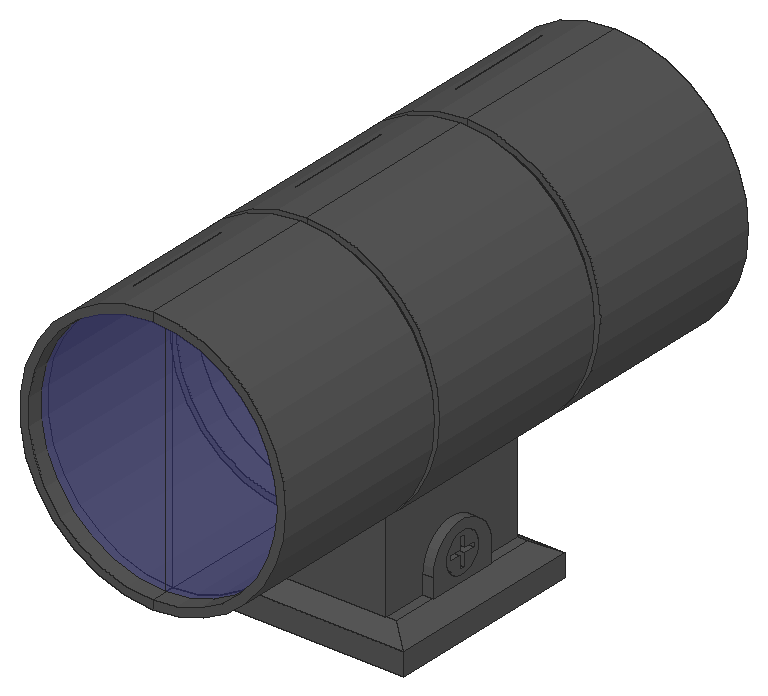
Revit family "CARLO CYLINDER LIGHT WALL MOUNT", category Lighting Fixtures, host Face, Revit 2020 (continued)
Parameters (values of type "CCL6-13-35SPSW8-PC-25-WM-BK")
    73 554.58 549.15 543.98 \r\n 539.18 534.71 530.61 526.97 523.53 519.98 516.44 512.85 509.41 506.44 \r\n 503.51 500.2 496.84 493.69 490.57 487.5 484.18 480.23 475.8 471.65 \r\n 465.49 455.27 441.09 421.84 399.05 373.78 346.32 317.19 286.75 255.22 \r\n 223.61 191.93 163.33 142.66 124.77 105.68 86.736 66.186 49.422 43.584 \r\n 41.671 38.526 35.757 33.343 31.019 28.357 25.814 23.762 22.027 20.605 \r\n 19.351 18.094 16.912 15.857 14.848 13.791 12.777 11.895 11.055 10.174 \r\n 9.324 8.5617 7.855 7.1936 6.5698 5.9594 5.4023 4.9406 4.5435 4.2 \r\n 3.8937 3.5977 3.3326 3.1159 2.9307 2.7668 2.6216 2.4902 2.3693 2.2534 \r\n 2.1449 2.0444 1.9522 1.8693 1.7933 1.7228 1.6561 1.5911 1.5268 1.4595 \r\n 1.3942 1.3362 1.2813 1.2265 1.1729 1.1208 1.0699 1.0212 0.97208 0.91888 \r\n 0.86593 0.81725 0.77013 0.72211 0.67654 0.63769 0.60029 0.55924 0.5184 0.48063 \r\n 0.44391 0.40624 0.37039 0.3391 0.31036 0.28273 0.25727 0.23707 0.21798 0.19728 \r\n 0.17376 0.14688 0.1119 0.053668 0.00282 0 0 0 0 0 \r\n 0 0 0 0 0 0.00094743 0.01164 0.04782 0.089605 0.11964 \r\n 0.1461 0.17025 0.1954 0.22712 0.25989 0.28872 0.31751 0.35008 0.38159 0.40641 \r\n 0.43094 0.46052 0.49277 0.52626 0.56344 0.60802 0.65475 0.69875 0.74257 0.78627 \r\n 0.8325 0.88637 0.94064 0.98747 1.0338 1.0848 1.1381 1.1933 1.2501 1.3072 \r\n 1.3662 1.4296 1.4932 1.5511 1.6097 1.6736 1.7423 1.8171 1.8977 1.984 \r\n 2.0773 2.1779 2.2884 2.4122 2.5468 2.6878 2.8454 3.0284 3.237 3.4762 \r\n 3.7404 4.0169 4.3321 4.7109 5.1449 5.6275 6.1781 6.8257 7.5342 8.2786 \r\n 9.0544 9.8397 10.663 11.551 12.486 13.455 14.456 15.489 16.531 17.53 \r\n 18.585 19.819 21.1 22.21 23.525 25.38 27.683 30.55 33.698 36.855 \r\n 40.103 42.597 46.84 54.9 67.233 85.648 108.15 133.47 161.2 190.82 \r\n 221.33 251.42 281.5 311.85 341.45 369.58 395.5 418.65 437.65 450.11 \r\n 458.46 463.99 467.82 471.66 474.94 477.58 479.82 481.78 483.74 486.15 \r\n 488.67 490.95 493.38 496.35 499.52 502.67 505.84 509.02 512.17 515.09 \r\n 518.29 522.31 526.83 531.68 536.97 542.62 549.07 556.67 565.61 576 \r\n 588.42 603.5 621.16 641.07 664.64 692.87 726.69 766.96 814.91 872.07 \r\n 938.42 1014.4 1100.1 1194.8 1302.1 1424.9 1564.5 1725.1 1900.7 2086.5 \r\n 2281.7 2485.5 2693.4 2899.9 3107.7 3318.9 3530.1 3739.8 3944.3 4140.4 \r\n 4324.7 4491.1 4643.7 4784.5 4912.5 5028.1 5129.7 5214.1 5286.3 5350.8 \r\n 5509.6 \r\n5444.5 5446.5 5400.7 5346.4 5281.9 5207.4 5118.9 5011 4888 4751.1 \r\n 4604 4452.7 4291.2 4112.9 3925.1 3733.4 3536.2 3332.6 3126.4 2919.9 \r\n 2716 2519.1 2326.2 2133.6 1948 1773.9 1613.7 1470.5 1346.3 1249 \r\n 1164.1 1078 994.94 911.26 837.43 786.48 747.18 712.35 682.91 657.41 \r\n 635.72 617.28 601.85 589.19 578.68 569.64 561.97 555.43 549.72 544.45 \r\n 539.67 535.32 531.38 527.86 524.56 521.26 517.95 514.47 511.04 507.97 \r\n 504.92 501.55 498.13 494.91 491.72 488.59 485.21 481.2 476.77 472.6 \r\n 466.83 458.05 445.48 427.28 405.26 380.58 353.48 324.4 293.98 262.82 \r\n 231.59 200.37 171.61 149.13 129.03 108.28 88.148 67.28 50.536 44.616 \r\n 42.646 39.444 36.631 34.191 31.852 29.212 26.644 24.398 22.448 20.918 \r\n 19.607 18.345 17.167 16.063 15.01 13.969 12.977 12.082 11.224 10.34 \r\n 9.4904 8.7283 8.0162 7.3292 6.6818 6.0756 5.5236 5.0432 4.6222 4.2591 \r\n 3.9384 3.6405 3.3755 3.1508 2.9555 2.7821 2.6287 2.4926 2.3682 2.2475 \r\n 2.1352 2.0344 1.9422 1.8567 1.7779 1.7062 1.6385 1.5722 1.5067 1.4391 \r\n 1.3737 1.315 1.2593 1.2037 1.1499 1.099 1.0492 0.99855 0.94779 0.89652 \r\n 0.84614 0.79869 0.75186 0.70239 0.65518 0.61586 0.579 0.54009 0.50195 0.46631 \r\n 0.43183 0.39725 0.36402 0.33355 0.30465 0.27588 0.24945 0.22972 0.21127 0.19003 \r\n 0.16643 0.1415 0.10947 0.055564 0.0078068 0 0 0 0 0 \r\n 0 0 0 0 0.000000 0.0098719 0.029078 0.064629 0.10375 0.13399 \r\n 0.16141 0.18697 0.21352 0.24577 0.27906 0.3094 0.33951 0.37183 0.40309 0.4297 \r\n 0.45658 0.48803 0.52242 0.55947 0.59944 0.64338 0.68862 0.73202 0.77599 0.82154 \r\n 0.86975 0.924 0.97847 1.0264 1.0739 1.1254 1.1789 1.234 1.2906 1.3478 \r\n 1.4066 1.4686 1.531 1.5893 1.6489 1.7137 1.783 1.8574 1.9375 2.0235 \r\n 2.1163 2.2161 2.3256 2.4485 2.5821 2.7216 2.8779 3.0602 3.2696 3.5123 \r\n 3.7811 4.0634 4.3827 4.7593 5.1918 5.6816 6.2399 6.8876 7.5965 8.3483 \r\n 9.1344 9.9327 10.766 11.652 12.582 13.554 14.559 15.596 16.641 17.637 \r\n 18.689 19.936 21.223 22.315 23.6 25.411 27.676 30.538 33.683 36.814 \r\n 40.013 42.146 46.562 56.786 71.147 89.127 110.79 136.52 164.88 194.86 \r\n 225.66 256.07 286.37 316.76 346.29 374.41 400.19 422.92 441.28 452.7 \r\n 460.12 465.37 469.18 473.06 476.4 478.97 481.15 483.25 485.35 487.7 \r\n 490.14 492.48 494.98 497.91 501.03 504.15 507.31 510.52 513.69 516.57 \r\n 519.68 523.57 527.91 532.46 537.47 542.98 549.34 556.82 565.6 575.75 \r\n 587.87 602.6 619.91 639.52 662.78 690.64 723.96 762.82 810.51 871.91 \r\n 942.35 1018.3 1101.3 1188.9 1289 1409.5 1548.1 1707.1 1880.8 2064.9 \r\n 2258.6 2461 2668.5 2876.5 3086.5 3299.4 3512.5 3724.6 3931.1 4127.5 \r\n 4311.8 4479.5 4633.5 4775.4 4904.5 5020.9 5123.2 5208.7 5281.9 5346.9 \r\n 5509.6 \r\n5444.5 5449.4 5408.2 5358.5 5298.5 5227.6 5143.3 5041.7 4925 4792.5 \r\n 4649.4 4502.4 4345.5 4173 3990.6 3802.4 3607.9 3406.9 3202.8 2998.6 \r\n 2796 2598.3 2403.1 2206.8 2017.1 1840.1 1676.4 1528.1 1396.9 1288.6 \r\n 1192.9 1100.3 1013.5 929.86 856.71 803.69 761.63 724.31 692.53 665.12 \r\n 641.82 622.06 605.58 592.18 581.08 571.46 563.28 556.28 550.23 544.82 \r\n 540.04 535.82 532.04 528.61 525.43 522.4 519.35 515.98 512.58 509.43 \r\n 506.26 502.85 499.42 496.19 492.99 489.84 486.45 482.43 478.05 473.92 \r\n 468.59 461.38 450.61 433.66 412.63 388.62 361.92 332.87 302.48 271.73 \r\n 240.94 210.17 181.15 156.42 133.63 110.89 89.423 68.567 52.184 46.029 \r\n 43.763 40.477 37.637 35.151 32.78 30.163 27.576 25.132 22.957 21.295 \r\n 19.904 18.631 17.458 16.301 15.199 14.173 13.205 12.294 11.417 10.531 \r\n 9.684 8.9195 8.1982 7.4831 6.8101 6.2082 5.6613 5.1606 4.7133 4.3288 \r\n 3.9921 3.6918 3.4266 3.1924 2.9856 2.8016 2.6389 2.4973 2.3687 2.2428 \r\n 2.1265 2.0252 1.9329 1.8443 1.7622 1.689 1.6203 1.5523 1.4855 1.4178 \r\n 1.3524 1.2929 1.2362 1.1799 1.1257 1.0761 1.0271 0.9744 0.92188 0.87269 \r\n 0.82512 0.77916 0.73283 0.68193 0.63305 0.59327 0.55694 0.52021 0.48486 0.45169 \r\n 0.41978 0.38838 0.35782 0.32829 0.29938 0.26963 0.24226 0.22255 0.20427 0.18224 \r\n 0.15854 0.13574 0.10711 0.058666 0.014796 0.0016281 0 0 0 0 \r\n 0 0 0 0 0 0.019569 0.048095 0.083213 0.11974 0.15041 \r\n 0.17908 0.20643 0.23467 0.26746 0.30119 0.33302 0.36434 0.39609 0.4269 0.45611 \r\n 0.48623 0.51965 0.55616 0.59715 0.64019 0.68315 0.72653 0.76948 0.81385 0.86132 \r\n 0.9115 0.96595 1.0205 1.0698 1.1188 1.1709 1.2247 1.2798 1.3362 1.3935 \r\n 1.4521 1.5126 1.5736 1.633 1.6942 1.7602 1.8303 1.9047 1.9844 2.0704 \r\n 2.1631 2.2624 2.3712 2.4935 2.6265 2.765 2.9206 3.1027 3.3132 3.5598 \r\n 3.8343 4.124 4.4497 4.8257 5.2583 5.7583 6.3268 6.9749 7.6844 8.4458 \r\n 9.2446 10.058 10.902 11.787 12.713 13.688 14.698 15.739 16.787 17.783 \r\n 18.837 20.093 21.386 22.466 23.731 25.512 27.75 30.609 33.747 36.832 \r\n 40.003 41.915 46.697 59.306 75.909 93.602 114.56 140.79 169.88 200.29 \r\n 231.44 262.23 292.79 323.18 352.59 380.61 406.09 428.18 445.67 455.99 \r\n 462.46 467.4 471.16 475.05 478.43 480.89 483.01 485.25 487.5 489.82 \r\n 492.19 494.62 497.2 500.12 503.18 506.26 509.4 512.66 515.89 518.77 \r\n 521.83 525.6 529.76 534.02 538.77 544.19 550.51 557.94 566.63 576.62 \r\n 588.54 603 620.05 639.52 662.64 690.34 723.4 761.12 808.87 874.87 \r\n 949.82 1026.3 1106.9 1187.8 1281.3 1400.1 1538.3 1695.9 1868.4 2051.4 \r\n 2244.1 2445.3 2652.2 2861.6 3073.7 3288.4 3503.2 3717.7 3926 4122.2 \r\n 4306.1 4474.8 4630 4772.8 4902.5 5019.4 5122.2 5208.3 5282 5347 \r\n 5509.6 \r\n5444.5 5452.4 5416 5370.9 5315.5 5248.4 5168.3 5073.2 4963.1 4835.5 \r\n 4696.5 4553.9 4401.6 4234.8 4057.9 3873.5 3682 3483.7 3282 3080.2 \r\n 2878.8 2680 2482.4 2282.7 2089.2 1909.4 1742.2 1588.7 1450.3 1330.4 \r\n 1223.3 1123.9 1033.4 950.28 878.22 822.68 777.25 737.21 703 673.55 \r\n 648.53 627.36 609.74 595.5 583.74 573.47 564.72 557.21 550.78 545.2 \r\n 540.39 536.26 532.62 529.23 526.12 523.34 520.55 517.28 513.91 510.69 \r\n 507.44 504.01 500.59 497.4 494.26 491.12 487.74 483.77 479.5 475.44 \r\n 470.58 464.94 455.99 440.51 420.65 397.4 371.15 342.18 311.82 281.52 \r\n 251.17 220.81 191.45 164.33 138.71 113.82 90.974 70.373 54.548 47.897 \r\n 45.017 41.602 38.757 36.201 33.777 31.181 28.579 25.95 23.557 21.738 \r\n 20.239 18.947 17.775 16.563 15.414 14.399 13.451 12.524 11.626 10.742 \r\n 9.8974 9.1278 8.3941 7.6512 6.9533 6.354 5.8103 5.2889 4.8153 4.4087 \r\n 4.0551 3.7512 3.4844 3.2398 3.0206 2.8254 2.6532 2.5056 2.3725 2.2414 \r\n 2.121 2.0191 1.9264 1.8347 1.7491 1.6741 1.6041 1.5345 1.4665 1.3989 \r\n 1.3337 1.2733 1.2155 1.1585 1.1041 1.0554 1.007 0.95226 0.89811 0.85094 \r\n 0.80611 0.76166 0.71592 0.66386 0.61357 0.57337 0.53752 0.50275 0.46997 0.43921 \r\n 0.40982 0.38138 0.35328 0.32475 0.29594 0.26545 0.23722 0.21714 0.19856 0.17559 \r\n 0.15175 0.13109 0.10604 0.063672 0.024014 0.0068802 0 0 0 0 \r\n 0 0 0 0 0 0.029271 0.067206 0.10221 0.13651 0.16787 \r\n 0.19802 0.22747 0.25766 0.29098 0.32505 0.35826 0.3907 0.42172 0.45201 0.4842 \r\n 0.51792 0.55317 0.59152 0.63626 0.68221 0.72401 0.76542 0.80812 0.85307 0.90238 \r\n 0.95433 1.0087 1.0632 1.1139 1.1645 1.2173 1.2715 1.3267 1.3831 1.4406 \r\n 1.4991 1.5579 1.6178 1.6786 1.7419 1.8091 1.8802 1.955 2.0349 2.1212 \r\n 2.2141 2.3134 2.4221 2.5443 2.6773 2.8158 2.9717 3.1544 3.3666 3.6172 \r\n 3.8975 4.1965 4.5307 4.9086 5.344 5.8563 6.437 7.0869 7.7982 8.5707 \r\n 9.3836 10.212 11.068 11.953 12.878 13.858 14.874 15.917 16.968 17.969 \r\n 19.027 20.289 21.584 22.656 23.909 25.675 27.903 30.771 33.918 36.951 \r\n 40.151 42.093 47.499 62.541 81.442 99.136 119.67 146.5 176.34 207.19 \r\n 238.69 269.86 300.66 330.99 360.16 387.88 412.86 434 450.39 459.59 \r\n 465.13 469.77 473.46 477.32 480.7 483.07 485.14 487.52 489.92 492.23 \r\n 494.59 497.11 499.79 502.7 505.73 508.75 511.87 515.19 518.49 521.41 \r\n 524.46 528.12 532.12 536.15 540.68 546.06 552.39 559.81 568.49 578.44 \r\n 590.27 604.58 621.51 640.98 664.16 691.9 724.96 761.96 810.06 880.41 \r\n 959.64 1036.8 1115.8 1191.4 1279.6 1397.3 1535.7 1692.6 1864.3 2047.1 \r\n 2239.6 2439.8 2646.1 2856.8 3070.7 3286.7 3503 3719.4 3929.1 4124.8 \r\n 4307.9 4477.2 4633.3 4776.4 4906.4 5023.3 5126.1 5212.3 5285.9 5350.5 \r\n 5509.6 \r\n5444.5 5455.1 5423.3 5382.8 5331.8 5268.6 5192.8 5104.1 5000.6 4877.9 \r\n 4743.5 4605 4457 4295.9 4124.5 3944 3755.7 3560.3 3360.9 3161.4 \r\n 2961.2 2761.3 2561.4 2358.8 2162.1 1979.6 1809 1650.4 1504.8 1373.6 \r\n 1255.5 1149.4 1055.3 972.83 901.88 843.19 793.73 750.83 714.15 682.6 \r\n 655.81 633.16 614.35 599.19 586.67 575.72 566.36 558.32 551.48 545.68 \r\n 540.79 536.7 533.13 529.73 526.63 524.03 521.43 518.26 514.92 511.65 \r\n 508.35 504.92 501.54 498.45 495.4 492.3 488.97 485.09 480.97 477.01 \r\n 472.61 468.39 461.17 447.3 428.84 406.44 380.69 351.89 321.63 291.76 \r\n 261.81 231.77 202.01 172.68 144.42 117.43 93.216 73.025 57.808 50.294 \r\n 46.402 42.796 39.973 37.321 34.823 32.237 29.623 26.837 24.246 22.248 \r\n 20.61 19.284 18.106 16.844 15.652 14.642 13.707 12.764 11.849 10.965 \r\n 10.124 9.3455 8.5972 7.8299 7.1103 6.5099 5.9655 5.4243 4.9264 4.4983 \r\n 4.1276 3.8181 3.5476 3.2918 3.06 2.854 2.6725 2.5188 2.3811 2.2452 \r\n 2.1213 2.0184 1.9251 1.8301 1.7411 1.6643 1.5929 1.5219 1.4528 1.3855 \r\n 1.3207 1.2594 1.2006 1.1431 1.0885 1.0403 0.99217 0.93569 0.88027 0.83484 \r\n 0.79235 0.74919 0.70403 0.65131 0.60014 0.55964 0.52413 0.49087 0.4601 0.43158 \r\n 0.40404 0.37798 0.3519 0.32431 0.29576 0.26482 0.23589 0.21506 0.19572 0.17173 \r\n 0.14773 0.12908 0.10745 0.07128 0.035687 0.013358 0 0 0 0 \r\n 0 0 0 0 0.00096539 0.038753 0.08493 0.12021 0.15301 0.18531 \r\n 0.21712 0.24895 0.28129 0.31512 0.34941 0.38383 0.41726 0.44757 0.4775 0.51258 \r\n 0.54967 0.58636 0.62603 0.67378 0.72202 0.76262 0.80226 0.84493 0.89061 0.94149 \r\n 0.99484 1.0489 1.103 1.1551 1.2072 1.2609 1.3155 1.3709 1.4274 1.4852 \r\n 1.5436 1.601 1.66 1.7226 1.7883 1.8568 1.9288 2.0045 2.0853 2.1724 \r\n 2.266 2.3657 2.4749 2.5978 2.7319 2.8719 3.0296 3.2137 3.4281 3.6824 \r\n 3.9688 4.2785 4.6237 5.0069 5.4483 5.9746 6.569 7.2229 7.9382 8.7228 \r\n 9.5502 10.394 11.262 12.151 13.076 14.063 15.085 16.13 17.184 18.193 \r\n 19.258 20.521 21.813 22.879 24.127 25.893 28.132 31.035 34.225 37.215 \r\n 40.531 42.869 49.224 66.57 87.666 105.79 126.36 153.85 184.39 215.63 \r\n 247.43 278.92 309.88 340.02 368.77 395.96 420.14 439.97 454.99 463.09 \r\n 467.82 472.16 475.79 479.57 482.91 485.22 487.27 489.77 492.31 494.66 \r\n 497.05 499.69 502.48 505.41 508.41 511.38 514.46 517.85 521.24 524.23 \r\n 527.3 530.88 534.74 538.61 543.01 548.4 554.78 562.25 570.99 581.01 \r\n 592.92 607.23 624.18 643.84 667.26 695.27 728.6 765.45 814.18 887.98 \r\n 970.64 1048.8 1127.1 1199.6 1284.5 1402 1540.9 1697.8 1869.6 2053.2 \r\n 2246.4 2445.9 2651.7 2863.2 3078.3 3295.5 3512.8 3730.4 3940.8 4135.7 \r\n 4317.7 4487 4643.2 4786.2 4915.9 5032.4 5134.6 5220.2 5293 5356.4 \r\n 5509.6 \r\n5444.5 5454.3 5425.6 5387.9 5339.9 5281 5209.8 5125.5 5026.4 4908 \r\n 4777.7 4642.6 4498.1 4341.4 4174.5 3998 3813 3619.2 3420.7 3221.6 \r\n 3021.6 2821.5 2621.3 2418.7 2221.1 2036.1 1861.9 1699 1548.5 1411.4 \r\n 1287.6 1177.3 1080.5 998.69 927.84 863.69 808.12 762.51 724.17 690.88 \r\n 662.61 638.73 618.87 602.79 589.51 577.96 568.14 559.72 552.58 546.54 \r\n 541.44 537.19 533.47 529.84 526.53 523.77 521.07 517.91 514.62 511.35 \r\n 508.07 504.73 501.48 498.57 495.69 492.63 489.35 485.66 481.75 477.9 \r\n 473.76 470.05 463.78 451.85 435.27 413.59 388.14 359.61 329.51 299.82 \r\n 269.9 239.66 209.54 179.77 150.89 122.69 97.54 78.026 63.194 53.486 \r\n 47.311 43.618 41.233 38.466 35.807 33.207 30.596 27.771 25.076 22.802 \r\n 20.897 19.506 18.333 17.074 15.887 14.853 13.893 12.949 12.039 11.159 \r\n 10.314 9.518 8.752 7.9854 7.2662 6.6477 6.0831 5.5338 5.0292 4.5882 \r\n 4.204 3.8845 3.6047 3.3381 3.0967 2.8848 2.6993 2.5422 2.4022 2.266 \r\n 2.1421 2.0384 1.9437 1.8468 1.7559 1.6778 1.6057 1.5348 1.4665 1.4005 \r\n 1.3367 1.2749 1.2155 1.159 1.1053 1.0558 1.0061 0.94991 0.89511 0.84967 \r\n 0.80703 0.76354 0.71846 0.66727 0.61759 0.57719 0.54113 0.50687 0.47507 0.44587 \r\n 0.41827 0.39161 0.36504 0.33784 0.30985 0.2793 0.25026 0.22802 0.20708 0.18209 \r\n 0.1579 0.14058 0.12117 0.089263 0.055282 0.024637 0.0019851 0 0.000041 0 \r\n 0 0 0 0 0.0091519 0.046 0.090476 0.12641 0.16065 0.19463 \r\n 0.22842 0.26268 0.2971 0.33161 0.36617 0.40118 0.43524 0.46614 0.49679 0.53259 \r\n 0.57002 0.60607 0.64456 0.69062 0.7373 0.77721 0.81677 0.86015 0.90671 0.95824 \r\n 1.0116 1.0639 1.1164 1.1692 1.2225 1.2767 1.3319 1.3882 1.4455 1.5037 \r\n 1.5623 1.6192 1.6782 1.7429 1.8108 1.8795 1.952 2.0308 2.1149 2.2037 \r\n 2.2988 2.4004 2.5123 2.6389 2.7777 2.925 3.0896 3.2772 3.4937 3.7479 \r\n 4.0373 4.3607 4.7233 5.1227 5.5796 6.1194 6.7265 7.3937 8.1217 8.9169 \r\n 9.7543 10.607 11.486 12.389 13.328 14.324 15.352 16.397 17.449 18.465 \r\n 19.533 20.785 22.058 23.088 24.313 26.088 28.388 31.495 34.834 37.425 \r\n 40.77 44.831 53.254 71.781 94.095 114.34 136.86 165.14 195.95 227.26 \r\n 258.98 290.53 321.38 350.91 378.71 404.68 427.23 444.58 457.29 464.45 \r\n 468.82 473.03 476.63 480.22 483.39 485.78 487.98 490.54 493.17 495.73 \r\n 498.36 501.2 504.13 507.12 510.13 513.05 516.08 519.48 522.94 526.09 \r\n 529.3 532.83 536.65 540.66 545.23 550.68 557.1 564.64 573.55 583.97 \r\n 596.35 611.09 628.48 648.59 672.52 701.19 735.22 773 822.01 893.61 \r\n 974.51 1054.1 1135.7 1213.8 1304.1 1423.1 1562.8 1721.5 1896 2083.5 \r\n 2280.2 2480.9 2686.5 2896.9 3110.6 3327.4 3544.1 3759.8 3968.2 4162.4 \r\n 4343.7 4511.2 4665.3 4806.4 4934.2 5049.1 5149.4 5232.3 5302.2 5363.1 \r\n 5509.6 \r\n5444.5 5453 5427.2 5392 5347 5292.4 5225.9 5145.7 5050.7 4936.8 \r\n 4810.8 4679 4537.9 4385.3 4222.7 4050.4 3868.8 3676.7 3479.1 3280.4 \r\n 3080.4 2880.3 2680.2 2478.1 2280.5 2093 1915.2 1748.3 1593.1 1451.1 \r\n 1322.6 1208.3 1108.6 1027 955.67 885.6 823.59 775.15 735.1 699.99 \r\n 670.18 644.99 624.02 606.93 592.79 580.6 570.28 561.46 553.99 547.64 \r\n 542.27 537.79 533.83 529.92 526.34 523.33 520.47 517.3 514.05 510.8 \r\n 507.55 504.32 501.22 498.5 495.8 492.8 489.59 486.1 482.43 478.71 \r\n 474.77 471.35 465.82 455.87 441.32 420.52 395.54 367.45 337.66 308.14 \r\n 278.23 247.7 217.22 187.37 158.25 129.08 103
